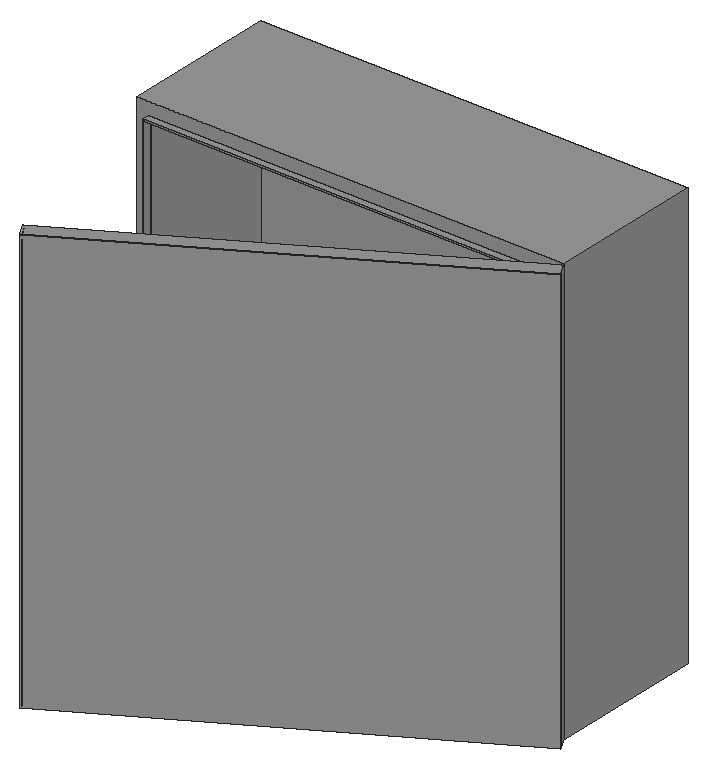
Revit family "Hager-Orion_Inox-IP65-D200-Cl.I-Inox_encl-630A-500mm-NoHosted-IT-it", category Equipement électrique, Revit 2020
Family settings
  Configuration du panneau = Deux colonnes, circuits au sein
  Cote de connecteur circulaire = Utiliser le diamètre
  Type d'élément = Tableau de raccordement
  Basée sur le plan de construction = Oui
  Toujours verticalement = Oui
  Couper avec des vides une fois chargée = Non
  Partagée = Non
  Point de calcul de pièce = Non
Parameters (values of type "incassato IP65 L500 A500 P200  - FL716BW")
  Width Control [instance] = if([EF000008 - Larghezza] > Min Width, [EF000008 - Larghezza], Min Width)  # 500 mm
  Commentaires du type = [HG000003 - Gamma]  # "Orion Inox"
  Thickness Door [instance] = if([EF009171 - spessore materiale porta/coperchio] > 3 mm, 3 mm, [EF009171 - spessore materiale porta/coperchio])  # 1.5 mm
  Seal Frame Offset [instance] = 17 mm  # constant formula
  Min Width [instance] = 100 mm  # constant formula
  Min Depth [instance] = (2 * [EF009170 - spessore materiale scatola]) + 1 mm  # 3.4 mm
  Min Height [instance] = 100 mm  # constant formula
  Internal Frame Depth [instance] = -(Door System Depth * 0.5)  # -9 mm
  Panel Name [instance] = ""  # (empty or 0)
  Model = ""
  HG000027 - Altezza dello zoccolo = 0 mm
  HG000026 - A pavimento = no
  HG000024 - Altezza della sezione inferiore = 600 mm
  HG000023 - Custodia a doppia sezione = no
  HG000016 - Visibilità delle porte nella vista 3D [instance] = yes
  HG000015 - Visibilità attraverso la porta [instance] = no
  HG000014 - Porta destra [instance] = yes
  HG000013 - Porta sinistra [instance] = not([HG000014 - Porta destra])  # no
  HG000012 - Angolo di apertura della porta [instance] = 30.00°
  HG000010 - Porte asimmetriche = no
  HG000009 - Porta doppia a battente = no
  HG000006 - Ad incasso = yes
  HG000004 - Codice produttore = "FL716BW"
  HG000003 - Gamma = "Orion Inox"
  HG000002 - Con porta = yes
  Frame Offset Bottom [instance] = 10 mm  # constant formula
  Frame Offset [instance] = 15 mm  # constant formula
  EF015940 - Coprire con rilascio di sovrapressione = no
  EF011959 - tipo di protezione (NEMA) = ""
  EF009554 - numero delle aperture per la piastra della flangia = 2
  EF009212 - esecuzione coperchio = "EV009916 - con taglio"
  EF009171 - spessore materiale porta/coperchio = 1.5 mm
  EF009170 - spessore materiale scatola = 1.2 mm
  EF008873 - corrente nominale (In) = 630 A
  EF007800 - adatto per parafulmine = no
  EF006306 - con serratura = yes
  EF006244 - coperchio/porta trasparente = no
  EF005474 - grado di protezione (IP) = "EV006421 - IP65"
  EF004464 - tipo di porta = "EV002646 - singolo"
  EF004427 - numero di moduli = 0
  EF004293 - resistenza agli urti = "EV008784 - IK10"
  EF003532 - adatto per uso esterno = yes
  EF002950 - Numero moduli DIN = 0
  EF001613 - Integrità del circuito = ""
  EF001596 - Attacco Lampada = "EV000166 - acciaio inossidabile"
  EF001131 - profondità interna = 200 mm
  EF001088 - possibilità di applicazione = no
  EF000437 - numero di ingressi per conduttori = 2
  EF000339 - tipo di copertura = "EV004216 - porta"
  EF000266 - numero di file = 0
  EF000218 - profondità di incasso = 0 mm
  EF000118 - con piastra di montaggio = yes
  EF000116 - numero RAL = ""
  EF000049 - profondità = 200 mm
  EF000040 - Altezza = 500 mm
  EF000008 - Larghezza = 500 mm
  EF000007 - colore = "EV000154 - altri"
  EF000003 - Tipo di montaggio = "EV001247 - apparente/incassato"
  Door System Leaf Tolerance [instance] = 1.5 mm  # constant formula
  Door System Depth [instance] = 18 mm  # constant formula
  Description = ""
  Default Elevation = 1219.2 mm
  Connector Offset [instance] = Height Control / 2  # 250 mm
  Fabricant = "Hager"  # constant formula
  Height Control [instance] = if([EF000040 - Altezza] > Min Height, [EF000040 - Altezza], Min Height)  # 500 mm
  Depth Control [instance] = if([EF000049 - profondità] > Min Depth, [EF000049 - profondità], Min Depth)  # 200 mm
Types (4, lengths in mm): name | Width Control | HG000006 - Ad incasso | HG000004 - Codice produttore | EF000008 - Larghezza
  apparente IP65 L400 A500 P200  - FL713BW | 400 | no | "FL713BW" | 400
  apparente IP65 L500 A500 P200  - FL716BW | 500 | no | "FL716BW" | 500
  incassato IP65 L400 A500 P200  - FL713BW | 400 | yes | "FL713BW" | 400
  incassato IP65 L500 A500 P200  - FL716BW | 500 | yes | "FL716BW" | 500
Reference planes
  plane 1 "Center (Front/Back)": y = 0
  plane 2: z = 0
  plane 3 "Center (Left/Right)": x = 0
  plane 4: y = 0
  plane 5: y = 0
  plane 6: z = 0
  plane 7: x = -250
  plane 8: x = 250
  plane 9: x = 248.8
  plane 10: x = -248.8
  plane 11: z = 0
  plane 12: z = 1.2
  plane 13: y = -200
  plane 14: y = -1.2
  plane 15: x = 0
  plane 16: y = -182
  plane 17: y = -198.8
  plane 18: y = -180.8
  plane 19: x = -233.8
  plane 20: x = 233.8
  plane 21: z = 11.2
  plane 22: x = -233
  plane 23: x = 233
  plane 24: z = 0
  plane 25: z = 500
  plane 26: z = 500
  plane 27: z = 483.8
  plane 28: z = 498.8
Forms (mm)
  Extrusion 1, solid, material "Hager_Stainless_Steel", detail levels medium+fine
    sketch origin (-208.679, -4572, 0) x (-1, 0, 0) y (0, -1, 0)
      loop
        line (41.321, -4390) -> (-458.679, -4390) -> (-458.679, -4572) -> (41.321, -4572) -> (41.321, -4390)
    from 0 to 500
  Extrusion 2, void
    sketch origin (-350.771, -200, 1219.2) x (1, 0, 0) y (0, 0, 1)
      loop
        line (101.971, -720.4) -> (101.971, -1218) -> (599.571, -1218) -> (599.571, -720.4) -> (101.971, -720.4)
    from -19.2 to -198.8
  Extrusion 3, void
    sketch origin (-290.084, -182, 1219.2) x (1, 0, 0) y (0, 0, 1)
      loop
        line (56.284, -1208) -> (523.884, -1208) -> (523.884, -735.4) -> (56.284, -735.4) -> (56.284, -1208)
    from 0 to -1.2
  Extrusion 4, solid, material "Hager_Stainless_Steel", detail levels fine
    sketch origin (-290.084, -182, 1219.2) x (-1, 0, 0) y (0, 0, 1)
      loop
        line (-523.884, -1208) -> (-56.284, -1208) -> (-56.284, -735.4) -> (-523.884, -735.4) -> (-523.884, -1208)
      loop
        line (-525.384, -1209.5) -> (-54.784, -1209.5) -> (-54.784, -733.9) -> (-525.384, -733.9) -> (-525.384, -1209.5)
    from 0 to -9 <- "Internal Frame Depth"
  Extrusion 5, solid, material "Hager_Stainless_Steel", detail levels coarse
    sketch origin (0, 0, 0) x (1, 0, 0) y (0, 1, 0)
      loop
        line (-250, 0) -> (-250, -200) -> (250, -200) -> (250, 0) -> (-250, 0)
    from 0 to 500 <- "Height Control"
Cuts and joins
  Extrusion 2, Extrusion 3 cuts Extrusion 1
Lines and regions (mm)
  Masking region 1
    outline origin (0, 0, 0) x (1, 0, 0) y (0, 1, 0)
      loop
        line (-250, 0) -> (-250, -200) -> (250, -200) -> (250, 0) -> (-250, 0)
  Masking region 2
    outline origin (-290.084, -182, 1219.2) x (-1, 0, 0) y (0, 0, 1)
      loop
        line (-540.084, -1219.2) -> (-40.084, -1219.2) -> (-40.084, -719.2) -> (-540.084, -719.2) -> (-540.084, -1219.2)
  Masking region 3, detail levels coarse
    outline origin (0, 0, 0) x (0, 1, 0) y (0, 0, 1)
      loop
        line (0, 0) -> (0, 500) -> (-200, 500) -> (-200, 0) -> (0, 0)
  Masking region 4, detail levels medium+fine
    outline origin (0, 0, 594.038) x (0, 1, 0) y (0, 0, 1)
      loop
        line (0, -594.038) -> (0, -94.038) -> (-182, -94.038) -> (-182, -594.038) -> (0, -594.038)
Dimensions and locks
  locked: plane 1 "Center (Front/Back)" to plane 5
  "EF009170 - spessore materiale scatola": plane 7 to plane 10
  "EF009170 - spessore materiale scatola": plane 8 to plane 9
  equal spacing: plane 7, plane 3 "Center (Left/Right)", plane 8
  "Width Control": plane 7 to plane 8
  "Depth Control": plane 4 to plane 13
  "EF009170 - spessore materiale scatola": plane 4 to plane 14
  "Height Control": plane 25 to level
  "EF009170 - spessore materiale scatola": plane 12 to plane 11
  "EF009170 - spessore materiale scatola": plane 17 to plane 13
  "EF009170 - spessore materiale scatola": plane 18 to plane 16
  "Frame Offset Bottom": plane 21 to plane 12
  "Frame Offset": plane 10 to plane 19
  "Frame Offset": plane 9 to plane 20
  "Door System Depth": plane 16 to plane 13
  "Seal Frame Offset": plane 7 to plane 22
  "Seal Frame Offset": plane 8 to plane 23
  "EF009170 - spessore materiale scatola": plane 26 to plane 28
  "Frame Offset": plane 28 to plane 27
  "Connector Offset": plane 2 to connector elem
  "Thickness Door": cut or joined group of Extrusion 1, Extrusion 2, Extrusion 3 to Extrusion 4 sketch curve
  "Thickness Door": Extrusion 4 sketch curve to plane 19
  "Thickness Door": Extrusion 4 sketch curve to plane 20
  "Thickness Door": Extrusion 4 sketch curve to plane 27
  aligned and locked: Extrusion 2 sketch curve to plane 12
  aligned and locked: Extrusion 2 sketch curve to plane 9
  aligned and locked: Extrusion 2 sketch curve to plane 10
  aligned and locked: plane 14 to Extrusion 2
  aligned and locked: plane 4 to Extrusion 1 sketch curve
  aligned and locked: plane 8 to Extrusion 1 sketch curve
  aligned and locked: plane 7 to Extrusion 1 sketch curve
  aligned and locked: Extrusion 2 to plane 18
  aligned and locked: plane 19 to Extrusion 3 sketch curve
  aligned and locked: plane 20 to Extrusion 3 sketch curve
  aligned and locked: Extrusion 3 to Extrusion 2
  aligned and locked: Extrusion 3 sketch curve to plane 21
  aligned and locked: plane 3 "Center (Left/Right)" to nested 1
  aligned and locked: Extrusion 1 sketch curve to plane 16
  aligned and locked: Masking region 1 sketch curve to plane 7
  aligned and locked: Masking region 1 sketch curve to plane 5
  aligned and locked: Masking region 1 sketch curve to plane 8
  aligned and locked: Masking region 2 sketch curve to level
  aligned and locked: level to Masking region 3 sketch curve
  aligned and locked: plane 1 "Center (Front/Back)" to Masking region 3 sketch curve
  aligned and locked: plane 13 to Masking region 3 sketch curve
  aligned and locked: Masking region 2 sketch curve to plane 8
  aligned and locked: Masking region 2 sketch curve to plane 7
  aligned and locked: plane 7 to nested 2
  aligned and locked: nested 2 to plane 5
  aligned and locked: plane 5 to Masking region 4 sketch curve
  aligned and locked: plane 26 to Masking region 4 sketch curve
  aligned and locked: Extrusion 5 sketch curve to plane 8
  aligned and locked: Extrusion 5 sketch curve to plane 7
  aligned and locked: Extrusion 5 sketch curve to plane 5
  aligned and locked: Extrusion 3 sketch curve to plane 27
  aligned and locked: Extrusion 2 sketch curve to plane 28
  aligned and locked: Extrusion 4 sketch curve to plane 27
  aligned and locked: Extrusion 4 sketch curve to plane 20
  aligned and locked: Extrusion 4 sketch curve to plane 21
  aligned and locked: Extrusion 4 sketch curve to plane 19
  aligned and locked: Masking region 2 to plane 25
  aligned and locked: Masking region 4 sketch curve to plane 24
  aligned and locked: Masking region 1 to plane 13
  aligned and locked: nested 1 to plane 16
  aligned and locked: Masking region 3 to plane 25
  aligned and locked: Masking region 4 sketch curve to plane 16
  aligned and locked: plane 24 to plane 11
  aligned and locked: plane 26 to plane 25
  aligned and locked: level to plane 24
  aligned and locked: Extrusion 1 to Masking region 3
  aligned and locked: level to nested 1
Automatic sketch dimensions
  Extrusion 5 sketch curve to plane 13 = 0 mm
  plane 27 to Masking region 2 sketch curve = 16.2 mm
  plane 27 to Masking region 3 sketch curve = 16.2 mm
  Masking region 1 sketch curve to plane 13 = 0 mm
  Extrusion 3 sketch curve to plane 21 = 0 mm
  plane 19 to Extrusion 3 sketch curve = 0 mm
  Extrusion 3 sketch curve to plane 20 = 0 mm
Nested families
  nested 1: "EC000058_OrionInox_Door" at (0, -182, 0), Double <- "HG000009 - Porta doppia a battente", Transparent <- "EF006244 - coperchio/porta trasparente", Angle <- "HG000012 - Angolo di apertura della porta", Door_Right <- "HG000014 - Porta destra", Assymetrical <- "HG000010 - Porte asimmetriche", Door <- "HG000002 - Con porta", Width_Ctrl <- "Width Control", 3d_Door <- "HG000016 - Visibilità delle porte nella vista 3D", Clearance <- "HG000015 - Visibilità attraverso la porta", Door_Left <- "HG000013 - Porta sinistra", Width <- "Width Control", Door_Depth <- "Door System Depth", Leaf_Tolerance <- "Door System Leaf Tolerance", Height <- "Height Control", Thickness <- "Thickness Door", type "EC000058_OrionInox_Door", detail levels medium+fine
    with min_wh 4 mm, Width_Ctrl 500 mm, Width 500 mm, Transparent no, Thickness 1.5 mm, Seal_Material Hager_Rubber, Leaf_Width 500 mm, Leaf_Tolerance_External_Sides 0 mm, Leaf_Tolerance 1.5 mm, Leaf_Offset 0 mm, Leaf_Height 497 mm, Leaf_2_Width 500 mm, Leaf_2_Offset 250 mm, Leaf_1_Width 500 mm, Leaf_1_Offset 250 mm, Height_Ctrl 500 mm, Height 500 mm, Glass_Material Hager_Glass, Double_Clearance_Ctrl no, Double no, Door_Right_Ctrl yes, Door_Right yes, Door_Material Hager_Stainless_Steel, Door_Left_Ctrl no, Door_Left no, Door_Depth 18 mm, Door yes, Clearance_Material Hager_Clearance, Clearance_Depth 500 mm, Clearance_Ctrl no, Clearance no, Assymetrical no, Angle 30.00°, 3d_Door yes
  nested 2: "Hager_Enclosure_Symbol" at (-250, 0, 0), Height <- "Depth Control", Width <- "Width Control", type "Hager_Enclosure_Symbol"
    with Width_Ctrl 500 mm, Width 500 mm, Height_Ctrl 200 mm, Height 200 mm, A_Width_Int 13.125 mm, A_Width 157.5 mm, A_Height_Ctrl 175 mm, A_Height 175 mm
Connectors
  electrical at (0, 0, 250)
    settings: on plane 1 "Center (Front/Back)", index 1, voltage 0 V, apparent load 0 VA, apparent load phase1 0 VA, apparent load phase2 0 VA, apparent load phase3 0 VA, power factor 1, load classification "Other", number of poles 1, system type 30, power factor state 1, is connector primary yes, connector utility no, sub classification motor no, connector description ""
Definition of nested family "EC000058_OrionInox_Door"
  Parameters (values of type "EC000058_OrionInox_Door")
    min_wh [instance] = (2 * Thickness) + 1 mm  # 11 mm
    Width_Ctrl [instance] = 400 mm
    Width [instance] = 500 mm
    Transparent [instance] = yes
    Thickness [instance] = 5 mm
    Seal_Material [instance] = none
    Leaf_Width [instance] = if((Width_Ctrl - 2 * Leaf_Tolerance_External_Sides) > 0 mm, (Width_Ctrl - 2 * Leaf_Tolerance_External_Sides), min_wh)  # 400 mm
    Leaf_Tolerance_External_Sides [instance] = 0 mm  # constant formula
    Leaf_Tolerance [instance] = 1.5 mm
    Leaf_Offset [instance] = 0 mm  # constant formula
    Leaf_Height [instance] = if((Height_Ctrl - 2 * Leaf_Tolerance) > 0 mm, (Height_Ctrl - 2 * Leaf_Tolerance), min_wh)  # 497 mm
    Leaf_2_Width [instance] = if(and(and(Double, Assymetrical), Door_Left), (Leaf_Width / 3) - (Leaf_Tolerance / 2), if(and(and(Double, Assymetrical), Door_Right), (Leaf_Width / 3) * 2 - (Leaf_Tolerance / 2), if(and(Double, not(Assymetrical)), (Leaf_Width / 2) - Leaf_Tolerance, Leaf_Width)))  # 400 mm
    Leaf_2_Offset [instance] = if(and(Double, Assymetrical), Leaf_2_Width / 2, if(and(Double, not(Assymetrical)), Leaf_Width / 4, Leaf_Width / 2))  # 200 mm
    Leaf_1_Width [instance] = if(and(and(Double, Assymetrical), Door_Right), (Leaf_Width / 3) - (Leaf_Tolerance / 2), if(and(and(Double, Assymetrical), Door_Left), (Width / 3) * 2 - (Leaf_Tolerance / 2), if(and(Double, not(Assymetrical)), (Leaf_Width / 2) - Leaf_Tolerance, Leaf_Width)))  # 400 mm
    Leaf_1_Offset [instance] = if(and(Double, Assymetrical), Leaf_1_Width / 2, if(and(Double, not(Assymetrical)), Leaf_Width / 4, Leaf_Width / 2))  # 200 mm
    Height_Ctrl [instance] = if(Height > min_wh, Height, min_wh)  # 500 mm
    Height [instance] = 500 mm
    Glass_Material [instance] = none
    Double_Clearance_Ctrl [instance] = and(Double, Clearance)  # no
    Double [instance] = no
    Door_Right_Ctrl [instance] = and(or(Door_Right, Double), Door)  # yes
    Door_Right [instance] = yes
    Door_Material [instance] = none
    Door_Left_Ctrl [instance] = and(or(Door_Left, Double), Door)  # no
    Door_Left [instance] = no
    Door_Depth [instance] = 30 mm
    Door [instance] = yes
    Default Elevation = 1219.2 mm
    Clearance_Material [instance] = none
    Clearance_Depth [instance] = if(Leaf_1_Width > Leaf_2_Width, Leaf_1_Width, Leaf_2_Width)  # 400 mm
    Clearance_Ctrl [instance] = and(not(Double), Clearance)  # yes
    Clearance [instance] = yes
    Assymetrical [instance] = yes
    Angle [instance] = 30.00°
    3d_Door [instance] = yes
  Reference planes
    plane 1 "Center (Front/Back)": y = 0
    plane 2 "Bottom": z = 0
    plane 3 "Center (Left/Right)": x = 0
    plane 4: z = 500
    plane 5: x = -200
    plane 6: x = 200
    plane 7: z = 500
    plane 8: x = -200
    plane 9: z = 0
    plane 10: x = 200
    plane 11: y = 0
    plane 12: z = 1.5
    plane 13: x = -600
    plane 14: y = -400
    plane 15: x = 600
    plane 16: x = 0
    plane 17: x = 0
    plane 18: x = -200
    plane 19: x = 200
    plane 20: z = 498.5
  Forms (mm)
    Extrusion 1, solid, material <- "Clearance_Material", visible <- "Double_Clearance_Ctrl"
      sketch origin (1200, 0, 0) x (1, 0, 0) y (0, 0, -1)
        loop
          line (-1800, -498.5) -> (-600, -498.5) -> (-600, 0) -> (-1800, 0) -> (-1800, -498.5)
      from 0 to -400
  Dimensions and locks
    equal spacing: plane 5, plane 3 "Center (Left/Right)", plane 6
    "Width_Ctrl": plane 5 to plane 6
    "Leaf_Offset": plane 5 to plane 8
    "Leaf_Offset": plane 6 to plane 10
    "Leaf_Offset": plane 9 to level
    "Leaf_Offset": plane 4 to plane 7
    "Height_Ctrl": plane 4 to level
    "Leaf_Tolerance": plane 12 to plane 9
    locked: plane 11 to plane 1 "Center (Front/Back)"
    "Leaf_1_Offset": plane 18 to plane 16
    "Leaf_2_Offset": plane 17 to plane 19
    "Leaf_1_Width": plane 13 to plane 8
    "Leaf_2_Width": plane 10 to plane 15
    "Clearance_Depth": plane 14 to plane 1 "Center (Front/Back)"
    "Leaf_Tolerance_External_Sides": plane 8 to plane 18
    "Leaf_Tolerance_External_Sides": plane 19 to plane 10
    "Leaf_Tolerance": plane 7 to plane 20
    aligned and locked: level to plane 2 "Bottom"
    aligned and locked: nested 1 to plane 16
    aligned and locked: nested 2 to plane 17
    aligned and locked: Extrusion 1 to plane 13
    aligned and locked: plane 15 to Extrusion 1
    aligned and locked: Extrusion 1 to plane 14
    aligned and locked: plane 12 to nested 1
    aligned and locked: nested 2 to plane 12
    aligned and locked: Extrusion 1 to plane 11
    aligned and locked: plane 20 to Extrusion 1
    aligned and locked: nested 2 to plane 11
    aligned and locked: nested 1 to plane 11
  Automatic sketch dimensions
    Extrusion 1 sketch curve to level = 0 mm
    plane 5 to Extrusion 1 sketch curve = 400 mm
    plane 6 to Extrusion 1 sketch curve = 400 mm
    Extrusion 1 sketch curve to plane 4 = 1.5 mm
  Nested families
    nested 1: "EC000058_OrionInox_Door_Leaf" at (0, 0, 1.5), Width <- "Leaf_1_Width", visible <- "Door_Left_Ctrl", Leaf_Height <- "Leaf_Height", Angle <- "Angle", 3d_Door <- "3d_Door", Transparent <- "Transparent", Clearance Material <- "Clearance_Material", Clearance <- "Clearance_Ctrl", Door_Material <- "Door_Material", Glass_Material <- "Glass_Material", Door_Depth <- "Door_Depth", Seal_Material <- "Seal_Material", Thickness <- "Thickness", type "EC000058_OrionInox_Door_Leaf"
      with Width 400 mm, Transparent_Ctrl yes, Transparent yes, Thickness 5 mm, Standard no, Seal_Material none, Seal_D2 8 mm, Seal_D1 1 mm, Offset_Internal_Frame 10 mm, Lock_Width 28 mm, Lock_Thickness 2 mm, Lock_Radius 6 mm, Leaf_Height 497 mm, Internal_Seal_Thickness 8 mm, Internal_Seal_Depth_2 4.5 mm, Internal_Frame_Depth 25 mm, Glass_Thickness -1 mm, Glass_Offset -2 mm, Glass_Material none, Door_Material none, Door_Depth 30 mm, Clearance Material none, Clearance yes, Angle_Ctrl 30.00°, Angle 30.00°, 3d_Door yes
    nested 2: "EC000058_OrionInox_Door_Leaf" at (0, 0, 1.5) x (-1, 0, 0) z (0, 0, 1), Width <- "Leaf_2_Width", visible <- "Door_Right_Ctrl", Leaf_Height <- "Leaf_Height", Angle <- "Angle", 3d_Door <- "3d_Door", Transparent <- "Transparent", Clearance Material <- "Clearance_Material", Clearance <- "Clearance_Ctrl", Door_Material <- "Door_Material", Glass_Material <- "Glass_Material", Door_Depth <- "Door_Depth", Seal_Material <- "Seal_Material", Thickness <- "Thickness", type "EC000058_OrionInox_Door_Leaf"
      with Width 400 mm, Transparent_Ctrl yes, Transparent yes, Thickness 5 mm, Standard no, Seal_Material none, Seal_D2 8 mm, Seal_D1 1 mm, Offset_Internal_Frame 10 mm, Lock_Width 28 mm, Lock_Thickness 2 mm, Lock_Radius 6 mm, Leaf_Height 497 mm, Internal_Seal_Thickness 8 mm, Internal_Seal_Depth_2 4.5 mm, Internal_Frame_Depth 25 mm, Glass_Thickness -1 mm, Glass_Offset -2 mm, Glass_Material none, Door_Material none, Door_Depth 30 mm, Clearance Material none, Clearance yes, Angle_Ctrl 30.00°, Angle 30.00°, 3d_Door yes
  Definition of nested family "EC000058_OrionInox_Door_Leaf"
    Parameters (values of type "EC000058_OrionInox_Door_Leaf")
      Width [instance] = 450 mm
      Transparent_Ctrl [instance] = and(Transparent, [3d_Door])  # yes
      Transparent [instance] = yes
      Thickness [instance] = 5 mm
      Standard [instance] = and(not(Transparent), [3d_Door])  # no
      Seal_Material [instance] = none
      Seal_D2 [instance] = 8 mm  # constant formula
      Seal_D1 [instance] = 1 mm  # constant formula
      Offset_Internal_Frame [instance] = 10 mm  # constant formula
      Lock_Width [instance] = Door_Depth - Lock_Thickness  # 28 mm
      Lock_Thickness [instance] = 2 mm  # constant formula
      Lock_Radius [instance] = 6 mm  # constant formula
      Leaf_Height [instance] = 450 mm
      Internal_Seal_Thickness [instance] = 8 mm  # constant formula
      Internal_Seal_Depth_2 [instance] = 4.5 mm  # constant formula
      Internal_Frame_Depth [instance] = if(Door_Depth - Thickness > 5 mm, Door_Depth - Thickness, 5 mm)  # 25 mm
      Glass_Thickness [instance] = if(Thickness > 15 mm, Glass_Offset + 10 mm, -1 mm)  # -1 mm
      Glass_Offset [instance] = if(Thickness > 15 mm, -(Thickness + 10 mm) / 2, -2 mm)  # -2 mm
      Glass_Material [instance] = none
      Door_Material [instance] = none
      Door_Depth [instance] = 30 mm
      Default Elevation = 0 mm
      Clearance Material [instance] = none
      Clearance [instance] = yes
      Angle_Ctrl [instance] = if(Angle > 180.00°, 180.00°, Angle)  # 90.00°
      Angle [instance] = 90.00°
      3d_Door [instance] = yes
    Reference planes
      plane 1 "Center (Front/Back)": y = 0
      plane 2: z = 0
      plane 3 "Center (Left/Right)": x = 0
      plane 4: y = 450
      plane 5: x = -225
      plane 6: x = 225
      plane 7: x = -675
      plane 8: z = 450
      plane 9: z = 30
      plane 10: z = 420
      plane 11: x = 195
      plane 12: x = -195
      plane 13: y = -3
      plane 14: z = 107.833
      plane 15: y = -5
      plane 16: y = -223.314
      plane 17: x = -225
      plane 18: y = 30
    Forms (mm)
      Extrusion 1, solid, material <- "Clearance Material", visible <- "Clearance"
        sketch origin (0, 0, 0) x (1, 0, 0) y (0, 0, 1)
          loop
            line (-675, 450) -> (-675, 0) -> (225, 0) -> (225, 450) -> (-675, 450)
        from 0 to -450
      Extrusion 2, solid, material <- "Door_Material", visible <- "Standard", detail levels medium+fine
        sketch origin (-225, 0, 0) x (0, 1, 0) y (-1, 0, 0)
          loop
            line (0, 30) -> (0, 25) -> (450, 25) -> (450, 30) -> (0, 30)
        from 0 to 450 <- "Leaf_Height"
      Extrusion 3, solid, material <- "Door_Material", visible <- "Transparent_Ctrl", detail levels medium+fine
        sketch origin (-225, 0, 0) x (0, 1, 0) y (-1, 0, 0)
          loop
            line (0, 25) -> (450, 25) -> (450, 30) -> (0, 30) -> (0, 25)
        from 0 to 450 <- "Leaf_Height"
      Extrusion 4, void
        sketch origin (-250, 450, 0) x (0, 1, 0) y (0, 0, -1)
          loop
            line (-30, -420) -> (-30, -30) -> (-420, -30) -> (-420, -420) -> (-30, -420)
        from 0 to 5 <- "Thickness"
      Sweep 5, solid, material <- "Seal_Material", visible <- "Transparent_Ctrl", detail levels fine
        path in 3D
          loop
            line (-250, 30, 30) -> (-250, 30, 420) -> (-250, 420, 420) -> (-250, 420, 30) -> (-250, 30, 30)
        profile origin (-250, 225, 30) x (1, 0, 0) y (0, 0, 1)
          loop
            line (0, 0) -> (0, -8) -> (1, -8) -> (1, 0) -> (0, 0)
      Extrusion 6, solid, material <- "Glass_Material", visible <- "Transparent_Ctrl", detail levels medium+fine
        sketch origin (-255, 0, 0) x (0, 1, 0) y (0, 0, -1)
          loop
            line (420, -420) -> (420, -30) -> (30, -30) -> (30, -420) -> (420, -420)
        from -2 <- "Glass_Offset" to -1 <- "Glass_Thickness"
      Extrusion 7, solid, material <- "Door_Material", visible <- "3d_Door", detail levels medium+fine
        sketch origin (-250, 450, 0) x (0, -1, 0) y (0, 0, -1)
          loop
            line (0, -450) -> (450, -450) -> (450, 0) -> (0, 0) -> (0, -450)
          loop
            line (445, -5) -> (5, -5) -> (5, -445) -> (445, -445) -> (445, -5)
        from 0 to 25 <- "Internal_Frame_Depth"
      Sweep 8, solid, material <- "Seal_Material", visible <- "Transparent_Ctrl", detail levels fine
        path in 3D
          loop
            line (-250, 0, 0) -> (-250, 450, 0) -> (-250, 450, 450) -> (-250, 0, 450) -> (-250, 0, 0)
        profile origin (-250, 0, 225) x (1, 0, 0) y (0, 1, 0)
          loop
            line (0, 10) -> (2.975, 10)
            arc (2.975, 10) -> (4.053, 10.447) -> (4.5, 11.525) r 1.525
            line (4.5, 11.525) -> (4.5, 16.527)
            arc (4.5, 16.527) -> (4.069, 17.569) -> (3.027, 18) r 1.473
            line (3.027, 18) -> (0, 18) -> (0, 10)
    Cuts and joins
      Extrusion 4 cuts Extrusion 3
    Lines and regions (mm)
      Masking region 1, detail levels medium+fine
        outline origin (0, 0, 0) x (0, 1, 0) y (0, 0, 1)
          loop
            line (0, 0) -> (30, 0) -> (30, 450) -> (0, 450) -> (0, 0)
      Masking region 2, detail levels medium+fine
        outline origin (0, 0, 0) x (1, 0, 0) y (0, 0, 1)
          loop
            line (-225, 450) -> (-225, 0) -> (225, 0) -> (225, 450) -> (-225, 450)
      symbolic lines
        curve 1: line (225, 0, 0) -> (-675, 0, 0)
        curve 2: arc (225, 0, 0) -> (-225, 450, 0) -> (-675, 0, 0) r 450
        curve 4: line (-255, 0, 0) -> (-255, 450, 0)
      reference lines
        curve 3: line (-225, 0, 0) -> (-225, 450, 0)
      symbolic lines, detail levels medium+fine
        curve 5: line (-255, 450, 0) -> (-250, 450, 0)
        curve 7: line (-250, 0, 0) -> (-255, 0, 0)
        curve 8: line (-250, 0, 0) -> (-225, 0, 0)
        curve 9: line (-225, 0, 0) -> (-225, 450, 0)
        curve 10: line (-225, 450, 0) -> (-250, 450, 0)
      symbolic lines, detail levels fine
        curve 6: line (-250, 450, 0) -> (-250, 0, 0)
      sketch lines
        curve 11: line (-250, 0, 450) -> (-250, 0, 0)
        curve 12: line (-250, 450, 0) -> (-250, 0, 0)
        curve 13: line (-250, 450, 450) -> (-250, 450, 0)
        curve 14: line (-250, 0, 450) -> (-250, 450, 450)
        curve 15: line (-250, 420, 30) -> (-250, 30, 30)
        curve 16: line (-250, 30, 30) -> (-250, 30, 420)
        curve 17: line (-250, 420, 420) -> (-250, 420, 30)
        curve 18: line (-250, 30, 420) -> (-250, 420, 420)
      symbolic lines, visible <- "Transparent", detail levels medium+fine
        curve 19: line (-195, 0, 420) -> (195, 0, 420)
        curve 20: line (-195, 0, 30) -> (-195, 0, 420)
        curve 21: line (195, 0, 30) -> (-195, 0, 30)
        curve 22: line (195, 0, 420) -> (195, 0, 30)
    Dimensions and locks
      "Width": plane 1 "Center (Front/Back)" to plane 4
      equal spacing: plane 5, plane 3 "Center (Left/Right)", plane 6
      "Width": plane 5 to plane 6
      "Width": plane 7 to plane 5
      "Leaf_Height": plane 8 to level
      "Width": curve 5 to curve 3
      "Width": curve 3 to curve 3
      plane 8 to plane 10 = 30 mm
      plane 9 to level = 30 mm
      plane 12 to plane 5 = 30 mm
      plane 6 to plane 11 = 30 mm
      Extrusion 4 sketch curve to Extrusion 3 = 30 mm
      Extrusion 3 to Extrusion 4 sketch curve = 30 mm
      Extrusion 1 to Extrusion 4 sketch curve = 30 mm
      curve 3 to Extrusion 4 sketch curve = 30 mm
      Extrusion 4 sketch curve to cut or joined group of Extrusion 3, Extrusion 4 = 30 mm
      cut or joined group of Extrusion 3, Extrusion 4 to Extrusion 6 sketch curve = 30 mm
      cut or joined group of Extrusion 3, Extrusion 4 to Extrusion 4 sketch curve = 30 mm
      "Thickness": curve 6 to curve 4
      "Thickness": Extrusion 7 sketch curve to Extrusion 7 sketch curve  (x4)
      "Door_Depth": curve 4 to curve 3
      "Offset_Internal_Frame": profile plane to Sweep 8 sketch curve
      "Internal_Seal_Thickness": Sweep 8 sketch curve to Sweep 8 sketch curve
      "Internal_Seal_Depth_2": profile plane to Sweep 8 sketch curve
      "Seal_D1": profile plane to Sweep 5 sketch curve
      "Seal_D2": profile plane to Sweep 5 sketch curve
      "Thickness": Extrusion 2 sketch curve to Extrusion 2 sketch curve
      "Door_Depth": plane 18 to plane 1 "Center (Front/Back)"
      radius of Sweep 8 sketch curve = 1.525 mm
      radius of Sweep 8 sketch curve = 1.473 mm
      "Angle_Ctrl": angle plane 1 "Center (Front/Back)" to curve 3
      aligned and locked: level to plane 2
      aligned and locked: Extrusion 1 to curve 1
      aligned and locked: plane 6 to Extrusion 1
      aligned and locked: plane 1 "Center (Front/Back)" to Extrusion 1
      aligned and locked: plane 4 to Extrusion 1
      aligned and locked: plane 8 to Extrusion 1
      aligned and locked: curve 7 to Extrusion 2 sketch curve
      aligned and locked: curve 5 to Extrusion 2 sketch curve
      aligned and locked: curve 7 to Extrusion 3 sketch curve
      aligned and locked: Extrusion 3 sketch curve to curve 4
      aligned and locked: Extrusion 3 sketch curve to curve 6
      aligned and locked: Extrusion 3 sketch curve to curve 5
      aligned and locked: curve 9 to curve 3
      aligned and locked: Extrusion 7 sketch curve to cut or joined group of Extrusion 3, Extrusion 4  (x4)
      aligned and locked: plane 17 to curve 3
      aligned and locked: plane 1 "Center (Front/Back)" to curve 3
      aligned and locked: plane 17 to plane 5
      aligned and locked: Sweep 8 sketch curve to profile plane
      aligned and locked: Sweep 5 sketch curve to profile plane  (x2)
      aligned and locked: plane 1 "Center (Front/Back)" to Masking region 1 sketch curve
      aligned and locked: plane 18 to Masking region 1 sketch curve
      aligned and locked: level to Masking region 1 sketch curve
      aligned and locked: Masking region 1 sketch curve to plane 8
      aligned and locked: plane 17 to Masking region 2 sketch curve
      aligned and locked: level to Masking region 2 sketch curve
      aligned and locked: Masking region 2 sketch curve to plane 8
      aligned and locked: plane 12 to curve 20
      aligned and locked: plane 10 to curve 19
      aligned and locked: plane 11 to curve 22
      aligned and locked: plane 9 to curve 21
      aligned and locked: Extrusion 2 sketch curve to cut or joined group of Extrusion 3, Extrusion 4
    Automatic sketch dimensions
      plane 1 "Center (Front/Back)" to curve 2 = 0 mm
      curve 2 to plane 5 = 0 mm
      Extrusion 1 sketch curve to level = 0 mm
      Extrusion 1 sketch curve to plane 7 = 0 mm
      Extrusion 1 sketch curve to plane 6 = 0 mm
      Extrusion 1 sketch curve to plane 8 = 0 mm
      Extrusion 3 to Extrusion 6 sketch curve = 30 mm  (x4)
      Masking region 2 sketch curve to plane 6 = 0 mm
      curve 4 to curve 3 = 0 mm
Definition of nested family "Hager_Enclosure_Symbol"
  Parameters (values of type "Hager_Enclosure_Symbol")
    Width_Ctrl [instance] = if(Width > 1 mm, Width, 1 mm)  # 102.27 mm
    Width [instance] = 102.27 mm
    Height_Ctrl [instance] = if(Height > 1 mm, Height, 1 mm)  # 66.5 mm
    A_Width_Int [instance] = if(A_Width / 12 > 2 mm, A_Width / 12, 2 mm)  # 4.364 mm
    A_Width [instance] = if(A_Height_Ctrl * 0.9 > 2 mm, A_Height_Ctrl * 0.9, 2 mm)  # 52.369 mm
    A_Height_Ctrl [instance] = if(A_Height > 2 mm, A_Height, 2 mm)  # 58.188 mm
    Height [instance] = 66.5 mm
    A_Height [instance] = Height - (Height / 8)  # 58.188 mm
  Reference planes
    plane 1 "Centre (avant/arrière)": y = 0
    plane 2: z = 0
    plane 3 "Centre (gauche/droite)": x = 0
    plane 4: x = 52.369
    plane 5: y = 33.042
    plane 6: y = 41.77
    plane 7: y = 66.5
    plane 8: x = 26.184
    plane 9: y = 37.406
    plane 10: x = 102.27
    plane 11: y = 66.5
    plane 12: y = 8.313
  Lines and regions (mm)
    Filled region 1, type "Solid_Black", in view "Niveau de réf."
      outline origin (0, 0, 0) x (1, 0, 0) y (0, 1, 0)
        loop
          line (52.369, 66.5) -> (33.188, 54.536) -> (45.365, 45.006) -> (52.369, 66.5)
    Filled region 2, type "Solid_Black", in view "Niveau de réf."
      outline origin (0, 0, 0) x (1, 0, 0) y (0, 1, 0)
        loop
          line (0, 0) -> (102.27, 0) -> (102.27, 66.5) -> (0, 0)
    detail lines, in view "Niveau de réf."
      curve 1: line (0, 8.313, 0) -> (26.184, 41.77, 0)
      curve 2: line (26.184, 41.77, 0) -> (26.184, 33.042, 0)
      curve 3: line (26.184, 33.042, 0) -> (52.369, 66.5, 0)
  Dimensions and locks
    "A_Width": plane 3 "Centre (gauche/droite)" to plane 4
    equal spacing: plane 3 "Centre (gauche/droite)", plane 8, plane 4
    equal spacing: plane 6, plane 9, plane 5
    equal spacing: curve 3, Filled region 1 sketch curve, Filled region 1 sketch curve
    "Height_Ctrl": plane 1 "Centre (avant/arrière)" to plane 11
    "A_Height_Ctrl": plane 11 to plane 12
    equal spacing: plane 11, plane 9, plane 12
    "A_Width_Int": plane 6 to plane 9
    "Width_Ctrl": plane 3 "Centre (gauche/droite)" to plane 10
    angle Filled region 1 sketch curve to curve 3 = 20.00°
    angle curve 3 to Filled region 1 sketch curve = 20.00°
    locked: curve 3 to Filled region 1 sketch curve (angle 90.00°)
    aligned and locked: plane 10 to Filled region 2
    aligned and locked: plane 11 to Filled region 2 sketch curve
    aligned and locked: plane 10 to Filled region 2 sketch curve
    aligned and locked: plane 3 "Centre (gauche/droite)" to curve 1
    aligned and locked: plane 12 to curve 1
    aligned and locked: plane 7 to plane 11
  Automatic sketch dimensions
    Filled region 1 sketch curve to plane 4 = 0 mm
    Filled region 1 sketch curve to plane 7 = 0 mm
    plane 1 "Centre (avant/arrière)" to Filled region 2 sketch curve = 0 mm
    Filled region 2 sketch curve to plane 3 "Centre (gauche/droite)" = 0 mm
    curve 2 to plane 6 = 0 mm
    curve 2 to plane 8 = 0 mm
    curve 3 to plane 4 = 0 mm
    curve 2 to plane 5 = 0 mm
    curve 3 to plane 7 = 0 mm
